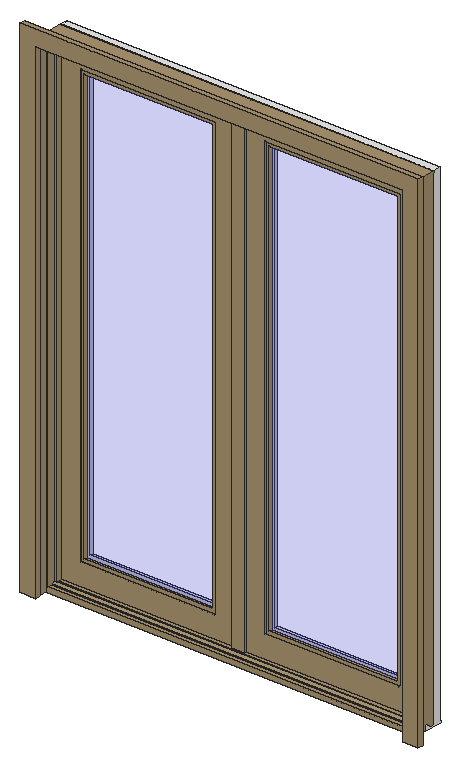
Revit family "Door-Out-Swing-Pella-Architect-Contemporary-Double3", category Doors, host Wall, Revit 2013 (continued)
Definition of nested family "Nested-Pella-Contemporary-Outswing_Panel"
  Definition of nested family "Nested-Pella-Architect-OS-Panel-Sill"
    Reference planes (in)
      plane 4 "Back": x = 2.43282
      plane 5 "Glass": y = 5.55852
    Lines and regions (in)
      Masking region 1, in view "Ref. Level", detail levels medium+fine
        outline origin (0, -0.31648, 0) x (1, 0, 0) y (0, 1, 0)
          loop
            line (0.42332, 1.24205) -> (0.42332, 1.34605) -> (0.61613, 1.34605) -> (0.61613, 1.40105) -> (0.42332, 1.40105) -> (0.42332, 1.52905) -> (0.58647, 1.52905) -> (0.58647, 1.58405) -> (0.42332, 1.58405) -> (0.42332, 1.92555) -> (0.58647, 1.92555) -> (0.58647, 1.98055) -> (0.42332, 1.98055) -> (0.42332, 2.95505) -> (0.58647, 2.95505) -> (0.58647, 3.01005) -> (0.42332, 3.01005) -> (0.42332, 5.3465) -> (0.58647, 5.3465) -> (0.58647, 5.4015) -> (0.42332, 5.4015) -> (0.42332, 6.3218) -> (0.8034, 6.3218) -> (0.8034, 5.9891) -> (0.84834, 5.9891) -> (0.84834, 6.1655) -> (0.95837, 6.1655) -> (0.95837, 6.2205) -> (0.84834, 6.2205) -> (0.84834, 6.3218) -> (0.95779, 6.3218) -> (0.95779, 6.3755) -> (0.36832, 6.3755) -> (0.36832, 1.18705) -> (0.61613, 1.18705) -> (0.61613, 1.24205) -> (0.42332, 1.24205)
      Filled region 1, type "Wood - Pella", in view "Ref. Level", detail levels medium+fine
        outline origin (0, -0.31648, 0) x (1, 0, 0) y (0, 1, 0)
          loop
            line (0.84162, 1.78302) -> (0.84162, 1.1875) -> (2.43282, 1.1875) -> (2.43282, 5.6975) -> (2.33082, 5.6975) -> (2.33082, 6.34847) -> (1.79882, 6.37635) -> (1.79882, 5.6975) -> (1.10917, 5.6975)
            arc (1.10917, 5.6975) -> (0.93867, 5.76466) -> (0.85978, 5.93006) r 0.25
            line (0.85978, 5.93006) -> (0.85978, 5.97125) -> (0.77607, 5.97125) -> (0.77607, 6.12485) -> (0.58682, 6.12485) -> (0.58682, 1.78302) -> (0.84162, 1.78302)
      Masking region 2, in view "Ref. Level", detail levels coarse
        outline origin (0, -0.31648, 0) x (1, 0, 0) y (0, 1, 0)
          loop
            line (2.43282, 1.1875) -> (2.43282, 6.3755) -> (0.36832, 6.3755) -> (0.36832, 1.1875) -> (2.43282, 1.1875)
      Masking region 3, in view "Ref. Level", visible <- "Fixed", detail levels fine
        outline origin (-1.12917, -0.31648, 0) x (1, 0, 0) y (0, 1, 0)
          loop
            line (2.03929, 0.52648) -> (2.18383, 0.52648) -> (2.18383, 0.31648) -> (2.26183, 0.31648) -> (2.26183, 0.52648) -> (2.45783, 0.52648) -> (2.45783, 0.31648) -> (2.55183, 0.31648) -> (2.55183, 0.52648) -> (2.63783, 0.52648) -> (2.63783, 0.31648) -> (2.73183, 0.31648) -> (2.73183, 0.52648) -> (2.92783, 0.52648) -> (2.92783, 0.35448) -> (3.00583, 0.37106) -> (3.00583, 0.52648) -> (3.32239, 0.52648) -> (3.32239, 0.62048) -> (3.00583, 0.62048) -> (3.00583, 1.11248) -> (2.92783, 1.11248) -> (2.92783, 0.62048) -> (2.73183, 0.62048) -> (2.73183, 1.17248) -> (2.63783, 1.17248) -> (2.63783, 0.62048) -> (2.47183, 0.62048) -> (2.47183, 1.17248) -> (2.37783, 1.17248) -> (2.37783, 0.62048) -> (2.03929, 0.62048) -> (2.03929, 0.52648)
      detail lines, in view "Ref. Level", detail levels fine
        curve 1: line (1.79882, 5.38102, 0) -> (2.33082, 5.38102, 0)
    Dimensions and locks (in)
      "Glass Offset": plane 1 "Center (Front/Back)" to plane 5 "Glass"
      "Thickness": plane 3 "Front" to plane 4 "Back"
      plane 1 "Center (Front/Back)" to Filled region 1 sketch curve to Filled region 1 sketch curve = 0' - 0.87102" locked, 0' - 0.59552" locked
      plane 3 "Front" to Filled region 1 sketch curve to Filled region 1 sketch curve to Filled region 1 sketch curve to Filled region 1 sketch curve to Filled region 1 sketch curve to Filled region 1 sketch curve to Filled region 1 sketch curve to Filled region 1 sketch curve = 0' - 0.2185" locked, 0' - 0.18925" locked, 0' - 0.08371" locked, 0' - 0.24939" locked, 0' - 0" locked, 0' - 0.68965" locked, 0' - 0.532" locked, 0' - 0.102" locked
      plane 1 "Center (Front/Back)" to Masking region 1 sketch curve to Masking region 1 sketch curve to Masking region 1 sketch curve to Masking region 1 sketch curve to Masking region 1 sketch curve to Masking region 1 sketch curve to Masking region 1 sketch curve to Masking region 1 sketch curve to Masking region 1 sketch curve to Masking region 1 sketch curve to Masking region 1 sketch curve to Masking region 1 sketch curve = 0' - 0.87057" locked, 0' - 0.055" locked, 0' - 0.104" locked, 0' - 0.055" locked, 0' - 0.128" locked, 0' - 0.055" locked, 0' - 0.3415" locked, 0' - 0.055" locked, 0' - 0.9745" locked, 0' - 0.055" locked, 0' - 2.33645" locked, 0' - 0.055" locked
      Masking region 1 sketch curve to plane 3 "Front" to Masking region 1 sketch curve to Masking region 1 sketch curve to Masking region 1 sketch curve to Masking region 1 sketch curve to Masking region 1 sketch curve to Masking region 1 sketch curve to Masking region 1 sketch curve to Masking region 1 sketch curve to Masking region 1 sketch curve to Masking region 1 sketch curve to Masking region 1 sketch curve to Masking region 1 sketch curve to Masking region 1 sketch curve to Masking region 1 sketch curve to Masking region 1 sketch curve to Masking region 1 sketch curve to Masking region 1 sketch curve = 0' - 0" locked, 0' - 0.055" locked, 0' - 0" locked, 0' - 0" locked, 0' - 0" locked, 0' - 0" locked, 0' - 0" locked, 0' - 0.16315" locked, 0' - 0" locked, 0' - 0" locked, 0' - 0" locked, 0' - 0.02966" locked, 0' - 0" locked, 0' - 0.18727" locked, 0' - 0.04494" locked, 0' - 0" locked, 0' - 0.10945" locked, 0' - 0.00059" locked
      Masking region 1 sketch curve to Masking region 1 sketch curve to Masking region 1 sketch curve to Masking region 1 sketch curve to Masking region 1 sketch curve to Masking region 1 sketch curve to plane 5 "Glass" = 0' - 0.0537" locked, 0' - 0" locked, 0' - 0.1013" locked, 0' - 0.055" locked, 0' - 0.1764" locked, 0' - 0.1141" locked
      Filled region 1 sketch curve to Filled region 1 sketch curve to Filled region 1 sketch curve to Filled region 1 sketch curve to Filled region 1 sketch curve to plane 5 "Glass" to Filled region 1 sketch curve to Filled region 1 sketch curve = 0' - 0.02788" locked, 0' - 0.22362" locked, 0' - 0.1536" locked, 0' - 0.04119" locked, 0' - 0.05506" locked, 0' - 0.1775" locked, 0' - 0" locked
      locked: Masking region 2 sketch curve to plane 5 "Glass" at 0.5005
      locked: curve 1 to plane 5 "Glass" at 0.1775
      Masking region 2 sketch curve to plane 3 "Front" to Masking region 2 sketch curve = 0' - 0" locked, 0' - 2.0645" locked
      Masking region 3 sketch curve to Masking region 3 sketch curve to Masking region 3 sketch curve to Masking region 3 sketch curve to Masking region 3 sketch curve to Masking region 3 sketch curve to Masking region 3 sketch curve to Masking region 3 sketch curve to Masking region 3 sketch curve to Masking region 3 sketch curve to Masking region 3 sketch curve to Masking region 3 sketch curve to Masking region 3 sketch curve to Masking region 3 sketch curve to Masking region 3 sketch curve to Masking region 3 sketch curve to Masking region 3 sketch curve = 0' - 0" locked, 0' - 0" locked, 0' - 0.038" locked, 0' - 0.01658" locked, 0' - 0.15542" locked, 0' - 0" locked, 0' - 0" locked, 0' - 0" locked, 0' - 0" locked, 0' - 0.094" locked, 0' - 0" locked, 0' - 0" locked, 0' - 0" locked, 0' - 0.492" locked, 0' - 0.06" locked, 0' - 0" locked
      plane 3 "Front" to Masking region 3 sketch curve to Masking region 3 sketch curve to Masking region 3 sketch curve to Masking region 3 sketch curve to Masking region 3 sketch curve to Masking region 3 sketch curve to Masking region 3 sketch curve to Masking region 3 sketch curve to Masking region 3 sketch curve to Masking region 3 sketch curve to Masking region 3 sketch curve to Masking region 3 sketch curve to Masking region 3 sketch curve to Masking region 3 sketch curve to Masking region 3 sketch curve to Masking region 3 sketch curve = 0' - 0.5418" locked, 0' - 0 37/256" locked, 0' - 0.078" locked, 0' - 0.116" locked, 0' - 0.08" locked, 0' - 0.014" locked, 0' - 0.08" locked, 0' - 0.086" locked, 0' - 0" locked, 0' - 0.094" locked, 0' - 0" locked, 0' - 0.196" locked, 0' - 0" locked, 0' - 0.078" locked, 0' - 0" locked, 0' - 0.31657" locked
      aligned and locked: Filled region 1 to curve 1
      aligned and locked: curve 1 to Filled region 1
    Automatic sketch dimensions
      plane 3 "Front" to Filled region 1 sketch curve = 0' - 0.4733"
      Masking region 2 sketch curve to plane 1 "Center (Front/Back)" = 0' - 0.87102"
      Masking region 3 sketch curve to plane 1 "Center (Front/Back)" = 0' - 0"
  Definition of nested family "Nested-Pella-Architect-OS-Panel-Head"
    Parameters (values of type "Head")
      Type Comments = "For use with Pella Architect Models"  # constant formula
      Thickness = 0' - 2.06247"
      Assembly Code = "B2030100"
    Reference planes (in)
      plane 1 "Center (Front/Back)": y = 0
      plane 2: z = 0
      plane 3 "Center (Left/Right)": x = 0.51936
      plane 4 "Front": x = 0.33214
      plane 5 "Back": x = 2.39461
      plane 6 "Glass": y = 4.12438
    Lines and regions (in)
      Masking region 1, in view "Ref. Level", detail levels medium+fine
        outline origin (0, -1.1875, 0) x (1, 0, 0) y (0, 1, 0)
          loop
            line (0.38714, 1.30488) -> (0.38714, 1.40888) -> (0.57958, 1.40888) -> (0.57958, 1.46388) -> (0.38714, 1.46388) -> (0.38714, 1.59188) -> (0.55064, 1.59188) -> (0.55064, 1.64688) -> (0.38714, 1.64688) -> (0.38714, 1.98838) -> (0.54575, 1.98838) -> (0.54575, 2.04338) -> (0.38714, 2.04338) -> (0.38714, 3.01788) -> (0.54575, 3.01788) -> (0.54575, 3.07288) -> (0.38714, 3.07288) -> (0.38714, 4.78488) -> (0.54575, 4.78488) -> (0.54575, 4.83988) -> (0.38714, 4.83988) -> (0.38714, 5.75738) -> (0.76723, 5.75738) -> (0.76723, 5.434) -> (0.81161, 5.434) -> (0.81161, 5.60238) -> (0.91968, 5.60238) -> (0.91968, 5.65738) -> (0.81161, 5.65738) -> (0.81161, 5.75738) -> (0.91968, 5.75738) -> (0.91968, 5.81238) -> (0.33214, 5.81238) -> (0.33214, 1.24988) -> (0.57958, 1.24988) -> (0.57958, 1.30488) -> (0.38714, 1.30488)
      Filled region 1, type "Wood - Pella", in view "Ref. Level", detail levels medium+fine
        outline origin (0, -1.1875, 0) x (1, 0, 0) y (0, 1, 0)
          loop
            line (0.55064, 1.61032) -> (0.70771, 1.61032) -> (0.70771, 1.81138)
            arc (0.70771, 1.81138) -> (0.76532, 1.86899) -> (0.82293, 1.81138) r 0.05761
            line (0.82293, 1.81138) -> (0.82293, 1.1875) -> (2.39461, 1.1875) -> (2.39461, 5.13438) -> (2.29464, 5.13438) -> (2.29464, 5.78535) -> (1.76264, 5.81323) -> (1.76264, 5.13438) -> (1.073, 5.13438)
            arc (1.073, 5.13438) -> (0.9025, 5.20154) -> (0.82361, 5.36694) r 0.25
            line (0.82361, 5.36694) -> (0.82361, 5.40813) -> (0.73989, 5.40813) -> (0.73989, 5.56173) -> (0.55064, 5.56173) -> (0.55064, 1.61032)
      Masking region 2, in view "Ref. Level", detail levels coarse
        outline origin (0, -1.1875, 0) x (1, 0, 0) y (0, 1, 0)
          loop
            line (2.39461, 1.1875) -> (2.39461, 5.81238) -> (0.33214, 5.81238) -> (0.33214, 1.1875) -> (2.39461, 1.1875)
      detail lines, in view "Ref. Level", detail levels fine
        curve 1: line (1.76264, 3.94688, 0) -> (2.29464, 3.94688, 0)
    Dimensions and locks (in)
      locked: plane 1 "Center (Front/Back)" to plane 6 "Glass" at 4.12438
      Masking region 2 sketch curve to plane 3 "Center (Left/Right)" to Masking region 2 sketch curve = 0' - 0.18721" locked, 0' - 1.87526" locked
      locked: Masking region 2 sketch curve to plane 1 "Center (Front/Back)" at 4.62488
      locked: plane 4 "Front" to plane 3 "Center (Left/Right)" at 0.18721
      "Thickness": plane 4 "Front" to plane 5 "Back"
      plane 3 "Center (Left/Right)" to Filled region 1 sketch curve to Filled region 1 sketch curve to Filled region 1 sketch curve to Filled region 1 sketch curve to Filled region 1 sketch curve to Filled region 1 sketch curve to Filled region 1 sketch curve to Filled region 1 sketch curve to Filled region 1 sketch curve to Filled region 1 sketch curve = 0' - 0.03129" locked, 0' - 0.15707" locked, 0' - 0.03218" locked, 0' - 0.08304" locked, 0' - 0.00068" locked, 0' - 0.24939" locked, 0' - 0" locked, 0' - 0.68965" locked, 0' - 0.532" locked, 0' - 0.09997" locked
      plane 1 "Center (Front/Back)" to Filled region 1 sketch curve to Filled region 1 sketch curve to Filled region 1 sketch curve to Filled region 1 sketch curve to Filled region 1 sketch curve to Filled region 1 sketch curve to Filled region 1 sketch curve to Filled region 1 sketch curve to Filled region 1 sketch curve to Filled region 1 sketch curve to Filled region 1 sketch curve = 0' - 0.42282" locked, 0' - 0.20106" locked, 0' - 0" locked, 0' - 0" locked, 0' - 3.323" locked, 0' - 0" locked, 0' - 0.23256" locked, 0' - 0.04119" locked, 0' - 0.1536" locked, 0' - 0.22362" locked, 0' - 0.02788" locked
      plane 1 "Center (Front/Back)" to Masking region 1 sketch curve to Masking region 1 sketch curve to Masking region 1 sketch curve to Masking region 1 sketch curve to Masking region 1 sketch curve to Masking region 1 sketch curve to Masking region 1 sketch curve to Masking region 1 sketch curve to Masking region 1 sketch curve to Masking region 1 sketch curve to Masking region 1 sketch curve to Masking region 1 sketch curve to Masking region 1 sketch curve to Masking region 1 sketch curve to Masking region 1 sketch curve to Masking region 1 sketch curve to Masking region 1 sketch curve to Masking region 1 sketch curve = 0' - 0.06238" locked, 0' - 0.055" locked, 0' - 0.104" locked, 0' - 0.055" locked, 0' - 0.128" locked, 0' - 0.055" locked, 0' - 0.3415" locked, 0' - 0.055" locked, 0' - 0.9745" locked, 0' - 0.055" locked, 0' - 1.712" locked, 0' - 0.055" locked, 0' - 0.59412" locked, 0' - 0.16838" locked, 0' - 0.055" locked, 0' - 0.1" locked, 0' - 0" locked, 0' - 0.055" locked
      Masking region 1 sketch curve to Masking region 1 sketch curve to Masking region 1 sketch curve to Masking region 1 sketch curve to Masking region 1 sketch curve to Masking region 1 sketch curve to Masking region 1 sketch curve to plane 3 "Center (Left/Right)" to Masking region 1 sketch curve to Masking region 1 sketch curve to Masking region 1 sketch curve to Masking region 1 sketch curve to Masking region 1 sketch curve to Masking region 1 sketch curve to Masking region 1 sketch curve to Masking region 1 sketch curve to Masking region 1 sketch curve to Masking region 1 sketch curve to Masking region 1 sketch curve = 0' - 0.055" locked, 0' - 0" locked, 0' - 0" locked, 0' - 0" locked, 0' - 0" locked, 0' - 0" locked, 0' - 0.13221" locked, 0' - 0.02639" locked, 0' - 0" locked, 0' - 0" locked, 0' - 0.00489" locked, 0' - 0.02893" locked, 0' - 0" locked, 0' - 0.18765" locked, 0' - 0.04438" locked, 0' - 0" locked, 0' - 0.10807" locked, 0' - 0" locked
      locked: curve 1 to plane 6 "Glass" at 0.1775
      aligned and locked: curve 1 to Filled region 1
      aligned and locked: Filled region 1 to curve 1
      aligned and locked: Masking region 2 sketch curve to plane 1 "Center (Front/Back)"
      aligned and locked: plane 1 "Center (Front/Back)" to Filled region 1 sketch curve
Definition of nested family "Nested-Pella-Architect-OS-Frame-Jamb"
  Parameters (values of type "Jamb")
    Type Comments = "For use with Pella Architect Models"  # constant formula
    Thickness = 0' - 5 55/64"
    Nail Fin = yes
    Fixed = yes
    Assembly Code = "B2030100"
  Reference planes (in)
    plane 1 "Center (Front/Back)": y = 0
    plane 2: z = 0
    plane 3 "Center (Left/Right)": x = 0.51936
    plane 4 "Front": x = -0.77673
    plane 5 "Back": x = 5.08264
    plane 6 "Top": y = 1.063
  Lines and regions (in)
    Masking region 1, in view "Ref. Level", detail levels medium+fine
      outline origin (0, 0, 0) x (1, 0, 0) y (0, 1, 0)
        loop
          line (0.22016, 0.07969) -> (-0.33874, 0.07969) -> (-0.33874, 0.242) -> (-0.73173, 0.242) -> (-0.73173, 0.37123) -> (-0.674, 0.55281) -> (-0.674, 0.74328) -> (0.43628, 0.74328) -> (0.43628, 0.70197) -> (0.51312, 0.70197) -> (0.51312, 0.78495) -> (0.37677, 0.78495) -> (0.37677, 1.02164) -> (0.75776, 1.02164) -> (0.75776, 1.06158) -> (0.33563, 1.06158) -> (0.33563, 0.79016) -> (-0.72088, 0.79016) -> (-0.72088, 0.56008) -> (-0.77673, 0.3844) -> (-0.77673, 0.197) -> (-0.38374, 0.197) -> (-0.38374, 0.09) -> (-0.69447, 0.09)
          arc (-0.69447, 0.09) -> (-0.73947, 0.045) -> (-0.69447, 0) r 0.045
          line (-0.69447, 0) -> (-0.57348, 0) -> (-0.54848, 0.025) -> (0.26704, 0.025) -> (0.26704, 0.21481) -> (0.38312, 0.21481) -> (0.38312, 0.025) -> (0.55155, 0.025) -> (0.55155, 0.07028) -> (0.43, 0.07028) -> (0.43, 0.26169) -> (0.22016, 0.26169) -> (0.22016, 0.07969)
    Filled region 1, type "Wood - Pella", in view "Ref. Level", detail levels medium+fine
      outline origin (0, 0, 0) x (1, 0, 0) y (0, 1, 0)
        loop
          line (5.08264, 0) -> (5.08264, 1.063) -> (2.35188, 1.063) -> (2.35188, 0.803) -> (2.26746, 0.803) -> (2.26746, 1.063) -> (0.82453, 1.063) -> (0.82453, 1.012) -> (0.55914, 1.012) -> (0.55914, 0.67406) -> (0.43628, 0.67406) -> (0.43628, 0.74109) -> (0.37207, 0.74109) -> (0.11132, 0.496) -> (-0.00633, 0.496) -> (-0.00633, 0.138) -> (0.21383, 0.138) -> (0.21383, 0.26851) -> (0.43945, 0.26851) -> (0.43945, 0.07) -> (2.23448, 0.07) -> (2.30448, 0) -> (5.08264, 0)
    Masking region 2, in view "Ref. Level", detail levels coarse
      outline origin (0, 0, 0) x (1, 0, 0) y (0, 1, 0)
        loop
          line (-0.77673, 0) -> (5.08264, 0) -> (5.08264, 1.063) -> (0.33563, 1.063) -> (0.33563, 0.79016) -> (-0.77673, 0.79016) -> (-0.77673, 0)
    Masking region 3, in view "Ref. Level", visible <- "Nail Fin", detail levels fine
      outline origin (0, 0, 0) x (1, 0, 0) y (0, 1, 0)
        loop
          line (0.27279, 0.20734) -> (0.27279, 0) -> (0.48811, 0) -> (0.48811, -1.21526) -> (0.51936, -1.21526) -> (0.51936, 0.03125) -> (0.30404, 0.03125) -> (0.30404, 0.17609) -> (0.34797, 0.17609) -> (0.34797, 0.09143) -> (0.37922, 0.09143) -> (0.37922, 0.20734) -> (0.27279, 0.20734)
    Filled region 2, type "Wood - Pella", in view "Ref. Level", detail levels medium+fine
      outline origin (0, 0, 0) x (1, 0, 0) y (0, 1, 0)
        loop
          line (3.82901, 1.063) -> (3.82901, 1.657) -> (2.70401, 1.657) -> (2.70401, 1.193) -> (3.08501, 1.193) -> (3.08501, 1.063) -> (3.82901, 1.063)
  Dimensions and locks (in)
    plane 1 "Center (Front/Back)" to Masking region 1 sketch curve to Masking region 1 sketch curve to Masking region 1 sketch curve to Masking region 1 sketch curve to Masking region 1 sketch curve to Masking region 1 sketch curve to Masking region 1 sketch curve to Masking region 1 sketch curve to Masking region 1 sketch curve to Masking region 1 sketch curve to Masking region 1 sketch curve to Masking region 1 sketch curve to Masking region 1 sketch curve to Masking region 1 sketch curve to Masking region 1 sketch curve to Masking region 1 sketch curve to Masking region 1 sketch curve to Masking region 1 sketch curve to Masking region 1 sketch curve = 0' - 0.025" locked, 0' - 0" locked, 0' - 0.04528" locked, 0' - 0.0094" locked, 0' - 0.01031" locked, 0' - 0.107" locked, 0' - 0.01781" locked, 0' - 0.02719" locked, 0' - 0.01969" locked, 0' - 0.10954" locked, 0' - 0.01317" locked, 0' - 0.16841" locked, 0' - 0.00727" locked, 0' - 0.14188" locked, 0' - 0.04132" locked, 0' - 0.04167" locked, 0' - 0.0052" locked, 0' - 0.23148" locked, 0' - 0.03994" locked
    Masking region 1 sketch curve to Masking region 1 sketch curve to Masking region 1 sketch curve to Masking region 1 sketch curve to Masking region 1 sketch curve to Masking region 1 sketch curve to Masking region 1 sketch curve to Masking region 1 sketch curve to Masking region 1 sketch curve to Masking region 1 sketch curve to Masking region 1 sketch curve to Masking region 1 sketch curve to Masking region 1 sketch curve to Masking region 1 sketch curve to Masking region 1 sketch curve to Masking region 1 sketch curve to Masking region 1 sketch curve to plane 3 "Center (Left/Right)" to Masking region 1 sketch curve to Masking region 1 sketch curve = 0' - 0.045" locked, 0' - 0.01085" locked, 0' - 0.02641" locked, 0' - 0.02046" locked, 0' - 0.10052" locked, 0' - 0.025" locked, 0' - 0.16475" locked, 0' - 0.045" locked, 0' - 0.5589" locked, 0' - 0 3/64" locked, 0' - 0.06859" locked, 0' - 0.04114" locked, 0' - 0.00636" locked, 0' - 0 3/64" locked, 0' - 0.00628" locked, 0' - 0.07685" locked, 0' - 0.00623" locked, 0' - 0.03219" locked, 0' - 0.20622" locked
    Masking region 3 sketch curve to plane 1 "Center (Front/Back)" to Masking region 3 sketch curve to Masking region 3 sketch curve to Masking region 3 sketch curve to Masking region 3 sketch curve = 0' - 1.21526" locked, 0' - 0 1/32" locked, 0' - 0.06018" locked, 0' - 0.08466" locked, 0' - 0 1/32" locked
    Masking region 3 sketch curve to Masking region 3 sketch curve to Masking region 3 sketch curve to Masking region 3 sketch curve to Masking region 3 sketch curve to Masking region 3 sketch curve to plane 3 "Center (Left/Right)" = 0' - 0 1/32" locked, 0' - 0.04392" locked, 0' - 0 1/32" locked, 0' - 0.10889" locked, 0' - 0 1/32" locked, 0' - 0" locked
    locked: plane 1 "Center (Front/Back)" to plane 6 "Top" at 1.063
    Masking region 2 sketch curve to Masking region 2 sketch curve to plane 1 "Center (Front/Back)" = 0' - 0.27284" locked, 0' - 0.79016" locked
    locked: plane 4 "Front" to plane 3 "Center (Left/Right)" at 1.29609
    "Thickness": plane 4 "Front" to plane 5 "Back"
    plane 1 "Center (Front/Back)" to Filled region 1 sketch curve to Filled region 1 sketch curve to Filled region 1 sketch curve to Filled region 1 sketch curve to Filled region 1 sketch curve to Filled region 1 sketch curve to Filled region 1 sketch curve to Filled region 1 sketch curve to Filled region 1 sketch curve to Filled region 1 sketch curve = 0' - 0.07" locked, 0' - 0.068" locked, 0' - 0.13051" locked, 0' - 0.22749" locked, 0' - 0.17806" locked, 0' - 0.06703" locked, 0' - 0.06191" locked, 0' - 0.209" locked, 0' - 0.051" locked, 0' - 0" locked
    Filled region 1 sketch curve to Filled region 1 sketch curve to Filled region 1 sketch curve to Filled region 1 sketch curve to Filled region 1 sketch curve to Filled region 1 sketch curve to plane 3 "Center (Left/Right)" to Filled region 1 sketch curve to Filled region 1 sketch curve to Filled region 1 sketch curve to Filled region 1 sketch curve to Filled region 1 sketch curve to Filled region 1 sketch curve = 0' - 0.11764" locked, 0' - 0.10251" locked, 0' - 0.15825" locked, 0' - 0.0642" locked, 0' - 0.00317" locked, 0' - 0.07991" locked, 0' - 0.03979" locked, 0' - 0.26539" locked, 0' - 1.40995" locked, 0' - 0.03298" locked, 0' - 0.03702" locked, 0' - 0.0474" locked
    plane 1 "Center (Front/Back)" to Filled region 2 sketch curve to Filled region 2 sketch curve to Filled region 2 sketch curve = 0' - 1.063" locked, 0' - 0.13" locked, 0' - 0.464" locked
    Filled region 2 sketch curve to Filled region 2 sketch curve to Filled region 2 sketch curve to plane 5 "Back" = 0' - 0.381" locked, 0' - 0.744" locked, 0' - 1.25363" locked
    locked: Masking region 2 sketch curve to plane 3 "Center (Left/Right)" at 0.18373
    aligned and locked: plane 1 "Center (Front/Back)" to Masking region 1 sketch curve
    aligned and locked: Filled region 1 sketch curve to plane 1 "Center (Front/Back)"
    aligned and locked: plane 5 "Back" to Filled region 1 sketch curve
    aligned and locked: Masking region 2 sketch curve to plane 4 "Front"
    aligned and locked: plane 1 "Center (Front/Back)" to Masking region 2 sketch curve
    aligned and locked: plane 5 "Back" to Masking region 2 sketch curve
  Automatic sketch dimensions
    plane 1 "Center (Front/Back)" to Masking region 3 sketch curve = 0' - 0"
Definition of nested family "Nested-Pella-Architect-OS-Frame-Sill"
  Parameters (values of type "Sill")
    Type Comments = "For use with Pella Architect Models"  # constant formula
    Thickness = 0' - 5 55/64"
    Assembly Code = "B2030100"
  Reference planes (in)
    plane 1 "Center (Front/Back)": y = 0
    plane 2: z = 0
    plane 3 "Front": x = -0.75737
    plane 4 "Back": x = 5.10201
    plane 5 "Top": y = 1.633
  Lines and regions (in)
    Masking region 1, in view "Ref. Level", detail levels medium+fine
      outline origin (0, 0, 0) x (1, 0, 0) y (0, 1, 0)
        loop
          line (-0.50786, 0) -> (-0.50786, 0.062) -> (-0.68737, 0.062) -> (-0.68737, 0.23) -> (0.75282, 0.23) -> (0.75282, 0.062) -> (0.66467, 0.062) -> (0.66467, 0) -> (0.82282, 0) -> (0.82282, 0.23) -> (1.63318, 0.23) -> (1.98982, 0.30581) -> (1.98982, 0) -> (2.70593, 0) -> (2.70593, 0.15436) -> (2.64343, 0.15436) -> (2.64343, 0.07) -> (2.05982, 0.07) -> (2.05982, 0.32069) -> (2.15548, 0.34102) -> (2.51341, 0.856) -> (3.01982, 0.856) -> (3.01982, 0.926) -> (2.47682, 0.926) -> (2.35982, 0.75766) -> (2.35982, 0.926) -> (2.30982, 0.926) -> (2.30982, 0.68573) -> (2.11382, 0.40373) -> (1.62582, 0.3) -> (-0.75737, 0.3) -> (-0.75737, 0) -> (-0.50786, 0)
    Filled region 1, type "Wood - Pella", in view "Ref. Level", detail levels medium+fine
      outline origin (0, 0, 0) x (1, 0, 0) y (0, 1, 0)
        loop
          line (4.856, 0) -> (4.856, 0.25) -> (5.10201, 0.25) -> (5.10201, 1) -> (4.25901, 1) -> (4.25901, 0.93) -> (3.04201, 0.93) -> (3.04201, 0.8505) -> (2.57001, 0.8505) -> (2.38801, 0.59721) -> (2.38801, 0.076) -> (2.62901, 0.076) -> (2.62901, 0.167) -> (2.74371, 0.167) -> (2.74371, 0) -> (4.856, 0)
    Masking region 2, in view "Ref. Level", detail levels coarse
      outline origin (0, 0, 0) x (1, 0, 0) y (0, 1, 0)
        loop
          line (-0.75737, 0) -> (5.10201, 0) -> (5.10201, 1) -> (2.24263, 1) -> (2.24263, 0.3) -> (-0.75737, 0.3) -> (-0.75737, 0)
    Filled region 2, type "Wood - Pella", in view "Ref. Level", detail levels medium+fine
      outline origin (0, 0, 0) x (1, 0, 0) y (0, 1, 0)
        loop
          line (4.25501, 0.93) -> (4.25501, 1.223) -> (3.84501, 1.633) -> (3.47001, 1.633) -> (3.32403, 1.523) -> (2.74958, 1.523) -> (2.74958, 1.335) -> (3.03501, 1.335) -> (3.03501, 1.251) -> (2.74223, 1.251) -> (2.72001, 0.997) -> (2.72001, 0.93) -> (2.88443, 0.93) -> (2.90101, 1.024) -> (3.75001, 1.024) -> (3.76658, 0.93) -> (4.25501, 0.93)
  Dimensions and locks (in)
    locked: plane 1 "Center (Front/Back)" to plane 5 "Top" at 1.633
    Masking region 2 sketch curve to Masking region 2 sketch curve to plane 1 "Center (Front/Back)" = 0' - 0.7" locked, 0' - 0.3" locked
    plane 1 "Center (Front/Back)" to Masking region 1 sketch curve to Masking region 1 sketch curve to Masking region 1 sketch curve to Masking region 1 sketch curve to Masking region 1 sketch curve to Masking region 1 sketch curve to Masking region 1 sketch curve to Masking region 1 sketch curve to Masking region 1 sketch curve to Masking region 1 sketch curve to Masking region 1 sketch curve to Masking region 1 sketch curve to Masking region 1 sketch curve to Masking region 1 sketch curve to Masking region 1 sketch curve to Masking region 1 sketch curve = 0' - 0.062" locked, 0' - 0" locked, 0' - 0.008" locked, 0' - 0.08436" locked, 0' - 0.07564" locked, 0' - 0" locked, 0' - 0.07" locked, 0' - 0.00581" locked, 0' - 0.01488" locked, 0' - 0.02033" locked, 0' - 0.06271" locked, 0' - 0.282" locked, 0' - 0.07194" locked, 0' - 0.09834" locked, 0' - 0.07" locked, 0' - 0" locked
    plane 3 "Front" to Masking region 1 sketch curve to Masking region 1 sketch curve to Masking region 1 sketch curve to Masking region 1 sketch curve to Masking region 1 sketch curve to Masking region 1 sketch curve to Masking region 1 sketch curve to Masking region 1 sketch curve to Masking region 1 sketch curve to Masking region 1 sketch curve to Masking region 1 sketch curve to Masking region 1 sketch curve to Masking region 1 sketch curve to Masking region 1 sketch curve to Masking region 1 sketch curve to Masking region 1 sketch curve to Masking region 1 sketch curve to Masking region 1 sketch curve = 0' - 0.07" locked, 0' - 0.17951" locked, 0' - 1.17253" locked, 0' - 0.08815" locked, 0' - 0.07" locked, 0' - 0.803" locked, 0' - 0.00736" locked, 0' - 0.35664" locked, 0' - 0.07" locked, 0' - 0.054" locked, 0' - 0.04166" locked, 0' - 0.15434" locked, 0' - 0.05" locked, 0' - 0.117" locked, 0' - 0.03659" locked, 0' - 0.13002" locked, 0' - 0 1/16" locked, 0' - 0.31389" locked
    "Thickness": plane 3 "Front" to plane 4 "Back"
    Filled region 1 sketch curve to Filled region 1 sketch curve to Filled region 1 sketch curve to Filled region 1 sketch curve to Filled region 1 sketch curve to Filled region 1 sketch curve to Filled region 1 sketch curve to plane 4 "Back" = 0' - 0.18201" locked, 0' - 0.05899" locked, 0' - 0.1147" locked, 0' - 0.2983" locked, 0' - 1.217" locked, 0' - 0.597" locked, 0' - 0.246" locked
    plane 1 "Center (Front/Back)" to Filled region 1 sketch curve to Filled region 1 sketch curve to Filled region 1 sketch curve to Filled region 1 sketch curve to Filled region 1 sketch curve to Filled region 1 sketch curve to Filled region 1 sketch curve = 0' - 0.076" locked, 0' - 0.091" locked, 0' - 0.083" locked, 0' - 0.34721" locked, 0' - 0.25329" locked, 0' - 0.0795" locked, 0' - 0.07" locked
    plane 1 "Center (Front/Back)" to Filled region 2 sketch curve to Filled region 2 sketch curve to Filled region 2 sketch curve to Filled region 2 sketch curve to Filled region 2 sketch curve to Filled region 2 sketch curve to Filled region 2 sketch curve to Filled region 2 sketch curve to Filled region 2 sketch curve = 0' - 0.93" locked, 0' - 0" locked, 0' - 0.067" locked, 0' - 0.027" locked, 0' - 0.199" locked, 0' - 0.028" locked, 0' - 0.084" locked, 0' - 0.188" locked, 0' - 0.11" locked
    Filled region 2 sketch curve to Filled region 2 sketch curve to Filled region 2 sketch curve to Filled region 2 sketch curve to Filled region 2 sketch curve to Filled region 2 sketch curve to Filled region 2 sketch curve to Filled region 2 sketch curve to Filled region 2 sketch curve to Filled region 2 sketch curve to Filled region 2 sketch curve to Filled region 2 sketch curve to plane 4 "Back" = 0' - 0.02222" locked, 0' - 0.00735" locked, 0' - 0.13485" locked, 0' - 0.01657" locked, 0' - 0.134" locked, 0' - 0.28903" locked, 0' - 0.14597" locked, 0' - 0.28" locked, 0' - 0.01657" locked, 0' - 0.07843" locked, 0' - 0.41" locked, 0' - 0.847" locked
    locked: Masking region 2 sketch curve to plane 4 "Back" at 2.85938
    aligned and locked: Filled region 1 sketch curve to plane 1 "Center (Front/Back)"
    aligned and locked: plane 4 "Back" to Filled region 1 sketch curve
    aligned and locked: Masking region 2 sketch curve to plane 3 "Front"
    aligned and locked: plane 1 "Center (Front/Back)" to Masking region 2 sketch curve
    aligned and locked: Masking region 1 sketch curve to plane 1 "Center (Front/Back)"
    aligned and locked: plane 1 "Center (Front/Back)" to Masking region 1 sketch curve  (x2)
    aligned and locked: plane 3 "Front" to Masking region 1 sketch curve
    aligned and locked: plane 4 "Back" to Masking region 2 sketch curve
Definition of nested family "Nested-Pella-Architect-OS-Frame-Center"
  Parameters (values of type "Center")
    Type Comments = "For use with Pella Architect Models"  # constant formula
    Thickness = 0' - 3.29765"
    Assembly Code = "B2030100"
  Reference planes (in)
    plane 1 "Center (Front/Back)": y = 0
    plane 2: z = 0
    plane 3 "Front of Panel": x = 1.22162
    plane 4 "Front": x = 0.73647
    plane 5 "Back": x = 4.03412
    plane 6 "Top": y = 2.4
  Lines and regions (in)
    Masking region 1, in view "Ref. Level", detail levels medium+fine
      outline origin (0, 0, 0) x (1, 0, 0) y (0, 1, 0)
        loop
          line (1.54847, 0.31074) -> (1.54847, 0.40757) -> (1.50147, 0.40757) -> (1.50147, 0.35075) -> (1.2391, 0.3092) -> (1.00429, 0.34639) -> (0.90835, 0.44575) -> (0.90835, 0.62646) -> (0.78335, 0.75146) -> (0.78335, 1.20062) -> (0.90835, 1.32562) -> (0.90835, 1.50633) -> (1.00426, 1.60565) -> (1.2409, 1.64239) -> (1.50147, 1.60112) -> (1.50147, 1.54392) -> (1.54847, 1.54392) -> (1.54847, 1.70585) -> (1.50147, 1.70585) -> (1.50147, 1.64858) -> (1.24097, 1.68984) -> (0.98149, 1.64955) -> (0.86147, 1.52527) -> (0.86147, 1.34504) -> (0.73647, 1.22004) -> (0.73647, 0.73204) -> (0.86147, 0.60704) -> (0.86147, 0.42681) -> (0.98147, 0.30254) -> (1.2391, 0.26174) -> (1.54847, 0.31074)
    Filled region 1, type "Wood - Pella", in view "Ref. Level", detail levels medium+fine
      outline origin (0, 0, 0) x (1, 0, 0) y (0, 1, 0)
        loop
          line (4.03412, 0.05023) -> (4.03412, 0.50614) -> (3.94012, 0.9133) -> (3.94012, 1.4823) -> (4.03412, 1.8923) -> (4.03412, 2.35185) -> (3.82412, 2.4) -> (3.59412, 2.4) -> (3.59412, 1.806) -> (3.26112, 1.806) -> (3.26112, 1.546) -> (3.17712, 1.546) -> (3.17712, 1.806) -> (1.57688, 1.806) -> (1.56765, 1.54169) -> (1.50147, 1.54169) -> (1.50147, 1.59869) -> (1.40831, 1.59869) -> (1.21012, 1.52597) -> (1.21012, 0.42822) -> (1.40831, 0.35549) -> (1.50147, 0.35549) -> (1.50147, 0.41249) -> (1.56765, 0.41249) -> (1.57221, 0.28207) -> (2.04633, 0.25931) -> (2.13247, 0.36253) -> (2.59582, 0.36253) -> (2.71286, 0.22229) -> (3.28412, 0.19235) -> (3.28412, 0) -> (3.81653, 0) -> (4.03412, 0.05023)
    Masking region 2, in view "Ref. Level", detail levels coarse
      outline origin (0, 0, 0) x (1, 0, 0) y (0, 1, 0)
        loop
          line (3.28412, 0) -> (4.03412, 0) -> (4.03412, 2.4) -> (3.59412, 2.4) -> (3.59412, 1.806) -> (0.73647, 1.806) -> (0.73647, 0.19235) -> (3.28412, 0.19235) -> (3.28412, 0)
    Masking region 3, in view "Ref. Level", detail levels fine
      outline origin (0, 0, 0) x (1, 0, 0) y (0, 1, 0)
        loop
          line (1.57688, 1.806) -> (1.21853, 1.806)
          arc (1.21853, 1.806) -> (1.03756, 1.7721) -> (0.88113, 1.675) r 0.5
          line (0.88113, 1.675) -> (0.93121, 1.62023)
          arc (0.93121, 1.62023) -> (1.06442, 1.70291) -> (1.21853, 1.73178) r 0.42578
          line (1.21853, 1.73178) -> (1.57429, 1.73178) -> (1.57688, 1.806)
  Dimensions and locks (in)
    locked: plane 1 "Center (Front/Back)" to plane 6 "Top" at 2.4
    locked: plane 4 "Front" to plane 3 "Front of Panel" at 0.48515
    "Thickness": plane 4 "Front" to plane 5 "Back"
    plane 1 "Center (Front/Back)" to Filled region 1 sketch curve to Filled region 1 sketch curve to Filled region 1 sketch curve to Filled region 1 sketch curve to Filled region 1 sketch curve to Filled region 1 sketch curve to Filled region 1 sketch curve to Filled region 1 sketch curve to Filled region 1 sketch curve to Filled region 1 sketch curve to Filled region 1 sketch curve = 0' - 0.05023" locked, 0' - 0.14211" locked, 0' - 0.02994" locked, 0' - 0.03703" locked, 0' - 0.02275" locked, 0' - 0.07343" locked, 0' - 0.00703" locked, 0' - 0.04997" locked, 0' - 0.01573" locked, 0' - 0.07792" locked, 0' - 0.40716" locked
    plane 6 "Top" to Filled region 1 sketch curve to Filled region 1 sketch curve to Filled region 1 sketch curve to Filled region 1 sketch curve to Filled region 1 sketch curve to Filled region 1 sketch curve to Filled region 1 sketch curve to Filled region 1 sketch curve to Filled region 1 sketch curve = 0' - 0.04815" locked, 0' - 0.45955" locked, 0' - 0.0863" locked, 0' - 0" locked, 0' - 0.20731" locked, 0' - 0.05269" locked, 0' - 0.00431" locked, 0' - 0.01573" locked, 0' - 0.04367" locked
    plane 4 "Front" to Filled region 1 sketch curve to Filled region 1 sketch curve to Filled region 1 sketch curve to Filled region 1 sketch curve to Filled region 1 sketch curve to Filled region 1 sketch curve to Filled region 1 sketch curve to Filled region 1 sketch curve to Filled region 1 sketch curve to Filled region 1 sketch curve to Filled region 1 sketch curve to Filled region 1 sketch curve to Filled region 1 sketch curve to Filled region 1 sketch curve to Filled region 1 sketch curve to Filled region 1 sketch curve to Filled region 1 sketch curve to Filled region 1 sketch curve to Filled region 1 sketch curve to Filled region 1 sketch curve to Filled region 1 sketch curve to Filled region 1 sketch curve = 0' - 0.47365" locked, 0' - 0.19819" locked, 0' - 0" locked, 0' - 0.09316" locked, 0' - 0" locked, 0' - 0.06618" locked, 0' - 0" locked, 0' - 0.00455" locked, 0' - 0.00468" locked, 0' - 0.46945" locked, 0' - 0.08614" locked, 0' - 0.46335" locked, 0' - 0.11704" locked, 0' - 0.46426" locked, 0' - 0.084" locked, 0' - 0.023" locked, 0' - 0.31" locked, 0' - 0.22241" locked, 0' - 0.00759" locked, 0' - 0.116" locked, 0' - 0.094" locked, 0' - 0" locked
    plane 1 "Center (Front/Back)" to Masking region 1 sketch curve to Masking region 1 sketch curve to Masking region 1 sketch curve to Masking region 1 sketch curve to Masking region 1 sketch curve to Masking region 1 sketch curve to Masking region 1 sketch curve to Masking region 1 sketch curve to Masking region 1 sketch curve to Masking region 1 sketch curve to Masking region 1 sketch curve to Masking region 1 sketch curve to Masking region 1 sketch curve = 0' - 0.26174" locked, 0' - 0.0408" locked, 0' - 0.00665" locked, 0' - 0.00154" locked, 0' - 0.03565" locked, 0' - 0.00437" locked, 0' - 0.05681" locked, 0' - 0.01924" locked, 0' - 0.01894" locked, 0' - 0.16129" locked, 0' - 0.01942" locked, 0' - 0.10558" locked, 0' - 0.01942" locked
    plane 6 "Top" to Masking region 1 sketch curve to Masking region 1 sketch curve to Masking region 1 sketch curve to Masking region 1 sketch curve to Masking region 1 sketch curve to Masking region 1 sketch curve to Masking region 1 sketch curve to Masking region 1 sketch curve to Masking region 1 sketch curve to Masking region 1 sketch curve to Masking region 1 sketch curve to Masking region 1 sketch curve to Masking region 1 sketch curve to Masking region 1 sketch curve = 0' - 0.69415" locked, 0' - 0.016" locked, 0' - 0.04029" locked, 0' - 0.00097" locked, 0' - 0.00619" locked, 0' - 0.03674" locked, 0' - 0.00453" locked, 0' - 0.05721" locked, 0' - 0.01865" locked, 0' - 0.01894" locked, 0' - 0.16129" locked, 0' - 0.01942" locked, 0' - 0.10558" locked, 0' - 0.01942" locked
    Masking region 1 sketch curve to plane 4 "Front" to Masking region 1 sketch curve to Masking region 1 sketch curve to Masking region 1 sketch curve to Masking region 1 sketch curve to Masking region 1 sketch curve to Masking region 1 sketch curve to Masking region 1 sketch curve to Masking region 1 sketch curve to Masking region 1 sketch curve to Masking region 1 sketch curve to Masking region 1 sketch curve to Masking region 1 sketch curve to Masking region 1 sketch curve to Masking region 1 sketch curve to Masking region 1 sketch curve to Masking region 1 sketch curve to Masking region 1 sketch curve to Masking region 1 sketch curve = 0' - 0" locked, 0' - 0 3/64" locked, 0' - 0 5/64" locked, 0' - 0" locked, 0' - 0 3/64" locked, 0' - 0" locked, 0' - 0.07313" locked, 0' - 0" locked, 0' - 0.02277" locked, 0' - 0.00004" locked, 0' - 0.23481" locked, 0' - 0" locked, 0' - 0.0018" locked, 0' - 0.00007" locked, 0' - 0.2605" locked, 0' - 0" locked, 0' - 0" locked, 0' - 0.047" locked, 0' - 0" locked
    plane 4 "Front" to Masking region 3 sketch curve to Masking region 3 sketch curve to Masking region 3 sketch curve to Masking region 3 sketch curve to Masking region 3 sketch curve to Masking region 3 sketch curve to Masking region 3 sketch curve to Masking region 3 sketch curve = 0' - 0.14466" locked, 0' - 0.05008" locked, 0' - 0.28732" locked, 0' - 0" locked, 0' - 0" locked, 0' - 0" locked, 0' - 0.35576" locked, 0' - 0.00259" locked
    plane 6 "Top" to Masking region 3 sketch curve to Masking region 3 sketch curve to Masking region 3 sketch curve to Masking region 3 sketch curve to Masking region 3 sketch curve to Masking region 3 sketch curve = 0' - 0.594" locked, 0' - 0 19/256" locked, 0' - 0.05678" locked, 0' - 0.05477" locked, 0' - 0.31423" locked, 0' - 0" locked
    locked: plane 1 "Center (Front/Back)" to Masking region 2 sketch curve at 0.19235
    locked: plane 6 "Top" to Masking region 2 sketch curve at 0.594
    Masking region 2 sketch curve to Masking region 2 sketch curve to plane 5 "Back" = 0' - 0.31" locked, 0' - 0.44" locked
    aligned and locked: Masking region 2 sketch curve to plane 4 "Front"
    aligned and locked: plane 1 "Center (Front/Back)" to Masking region 2 sketch curve
    aligned and locked: plane 5 "Back" to Masking region 2 sketch curve
    aligned and locked: plane 1 "Center (Front/Back)" to Filled region 1 sketch curve
    aligned and locked: plane 6 "Top" to Filled region 1 sketch curve
    aligned and locked: plane 6 "Top" to Masking region 2 sketch curve
